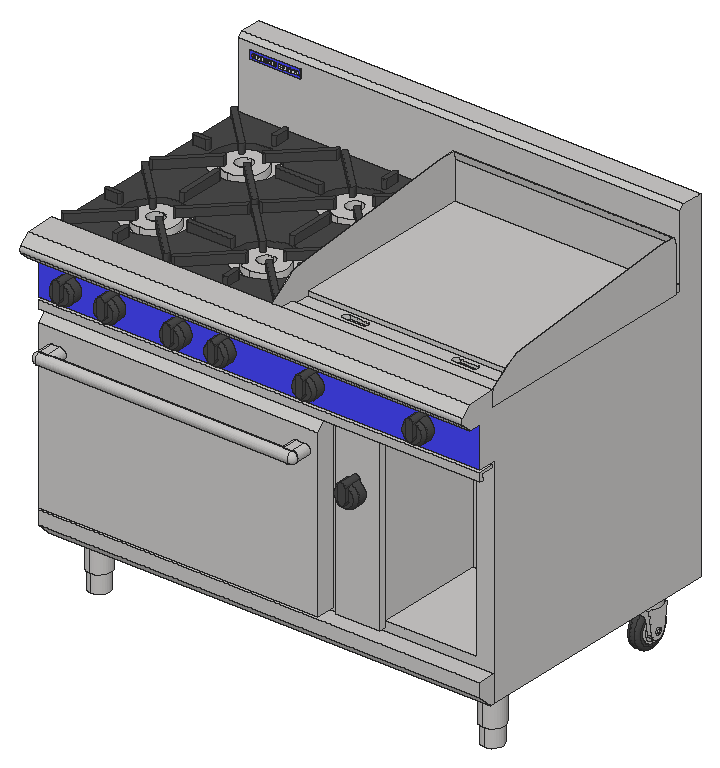
Revit family "QF_MOFFAT_BLUESEAL_CE_GE58B", category Specialty Equipment, Revit 2012
Parameters
  Width = 1200 mm
  Weight in Pounds = 485
  Watts = 6600 W
  Volts = 400 V
  URL Cutsheet = "www.moffat.com"
  URL = "www.moffat.com"
  Type Mark [instance] = ""
  Status [instance] = ""
  Specification by User [instance] = ""
  Specification by Manufacturer = ""
  Show Logo [instance] = yes
  Show Clearance [instance] = yes
  Show Casters [instance] = yes
  Serial Number = ""
  Seismic Rating = ""
  SMACNA No = ""
  Revision Code [instance] = ""
  Phase = 3
  Omniclass Number and Title = ""
  Number of Poles [instance] = 1
  NAFEM Spec ID Number = ""
  Model = "GE58B"
  Min Ckt Ampacity = 0 A
  Mechanical Remarks = ""
  Mechanical Connection Type [instance] = ""
  Max Overcurrent Protection = 0 A
  Masterspec = ""
  Manufacturer = "MOFFAT BLUESEAL"
  Legs [instance] = not(Show Casters)  # no
  Item Number [instance] = ""
  Installed By [instance] = ""
  Identify Quantity as Lot [instance] = yes
  Height = 970 mm
  HP = ""
  Gas Size = 3/4"
  Gas RI Height [instance] = 0 mm
  Gas KW [instance] = 42.2
  Gas Input [instance] = 144068.0 Btu/h
  Gas Connection Height = 0 mm
  Furnished By [instance] = ""
  Foodservice Equipment Identifier [instance] = yes
  FL Amps = 9.4 A
  Electrical Remarks = "9.4A PER PHASE"
  Electric Connection Type = ""
  Elec Conn RI Height = 0 mm
  Elec Conn Connection Height = 0 mm
  Description = "1200MM GAS RANGE WITH ELECTRIC CONVECTION OVEN"
  Depth = 812 mm
  Cycle = 50 Hz
  Conn Plug = ""
  Conn Conduit = yes
  CSI MasterFormat = ""
  CSI Master Format = ""
  Body Finish = QF_Finishes_Stainless Steel
  Apparent Power = 0 VA
Reference planes
  plane 1 "BACK": y = 0
  plane 2: z = 0
  plane 3 "LEFT": x = 0
  plane 4 "RIGHT": x = 1200
  plane 5 "FRONT": y = -812
  plane 6 "TOP": z = 970
  plane 7 "Center Y": x = 600
  plane 8 "Center X": y = -406
  plane 9: x = 280
  plane 10: y = -574.272
  plane 11: x = 60
  plane 12: y = -304.972
  plane 13: y = -364.972
  plane 14: x = 74
  plane 15: y = -812
  plane 16: x = 1134.5
  plane 17: y = -32
  plane 18: z = 655
  plane 19: x = 65.5
  plane 20: x = 65.8
  plane 21: z = 1085
  plane 22: y = -705
Forms (mm)
  Extrusion 1, solid, material "QF_Finishes_Stainless Steel" <- "Body Finish"
    sketch origin (0, 0, 0) x (0, 1, 0) y (0, 0, 1)
      loop
        line (0, 150) -> (0, 1085) -> (-57.5, 1085) -> (-70, 1072.5) -> (-70, 875) -> (-705, 875) -> (-705, 915) -> (-783.97, 915) -> (-808.49, 890.48)
        arc (-808.49, 890.48) -> (-812.002, 882) -> (-808.49, 873.52) r 11.993
        line (-808.49, 873.52) -> (-784.97, 850) -> (-749, 850) -> (-749, 740) -> (-699, 740) -> (-699, 150) -> (0, 150)
      loop
        line (-749, 222.5) -> (-749, 186) -> (-713.071, 150.071) -> (-703.2, 150.071) -> (-703.2, 222.5) -> (-749, 222.5)
      loop
        line (-749, 710) -> (-740.224, 710) -> (-742.613, 726.999) -> (-707.93, 726.999) -> (-707.93, 734.003) -> (-749, 734.003) -> (-749, 710)
    from 0 to 1200
  Extrusion 2, solid, material "QF_Finishes_Stainless Steel"
    sketch origin (0, 7, 0) x (0, 1, 0) y (0, 0, 1)
      loop
        line (-706, 700) -> (-732, 700) -> (-756, 676) -> (-756, 227.5) -> (-706, 227.5) -> (-706, 700)
    from 0 to 760
  Extrusion 3, solid, material "QF_Finishes_Stainless Steel"
    sketch origin (723.5, 7, 0) x (0, 1, 0) y (0, 0, 1)
      loop
        line (-706, 700) -> (-721, 700) -> (-721, 227.5) -> (-706, 227.5) -> (-706, 700)
    from 56.898 to 176.5
  Revolve 4, solid, material "QF_Finishes_Stainless Steel" <- "Body Finish"
    sketch origin (1134.5, -696.126, 0) x (0, 1, 0) y (0, 0, -1)
      loop
        line (39.376, -150) -> (71.126, -150) -> (71.126, 0) -> (43.626, 0) -> (43.626, -50) -> (39.376, -50) -> (39.376, -150)
      axis (71.126, -150) -> (71.126, 0)
    angle from 0 to 360
  Revolve 5, solid, material "QF_Finishes_Stainless Steel" <- "Body Finish"
    sketch origin (65.5, -696.126, 0) x (0, 1, 0) y (0, 0, 1)
      loop
        line (39.376, 150) -> (39.376, 50) -> (43.626, 50) -> (43.626, 0) -> (71.126, 0) -> (71.126, 150) -> (39.376, 150)
      axis (71.126, 150) -> (71.126, 0)
    angle from 0 to 360
  Extrusion 6, solid, material "QF_Finishes_Stainless Steel"
    sketch origin (-64.5, 0, 325) x (1, 0, 0) y (0, 1, 0)
      loop
        circle (1134.5, -32) r 10
    from 330 to 374.856
  Extrusion 7, void
    sketch origin (0, -703.73, 150) x (0, 0, -1) y (-1, 0, 0)
      loop
        line (-526, -900) -> (-526, -1150) -> (-96, -1150) -> (-96, -900) -> (-526, -900)
    from 0 to 304.8
  Extrusion 8, solid, material "QF_Finishes_Black"
    sketch origin (0, -70, 875) x (0, -1, 0) y (1, 0, 0)
      loop
        arc (1, 4) -> (1.879, 1.879) -> (4, 1) r 3
        line (4, 1) -> (632, 1)
        arc (632, 1) -> (634.121, 1.879) -> (635, 4) r 3
        line (635, 4) -> (635, 597)
        arc (635, 597) -> (634.121, 599.121) -> (632, 600) r 3
        line (632, 600) -> (4, 600)
        arc (4, 600) -> (1.879, 599.121) -> (1, 597) r 3
        line (1, 597) -> (1, 4)
      loop
        circle (167.5, 150) r 85
      loop
        circle (167.5, 450) r 85
      loop
        circle (467.768, 150) r 85
      loop
        circle (467.768, 450) r 85
    from 0 to 19.5
  Extrusion 9, solid, material "QF_Finishes_Black"
    sketch origin (0, -70, 894.5) x (0, -1, 0) y (1, 0, 0)
      loop
        spline (327.102, 15.153) -> (326.181, 13.924) -> (325.631, 12.47) -> (325.49, 10.89) -> (325.767, 9.292) -> (326.443, 7.786) -> (327.473, 6.473) -> (328.786, 5.443) -> (330.292, 4.767) -> (331.89, 4.49) -> (333.47, 4.631) -> (334.924, 5.181) -> (336.153, 6.102)
        line (336.153, 6.102) -> (444.076, 114.025)
        spline (444.076, 114.025) -> (444.837, 115.095) -> (445.238, 116.399) -> (445.251, 117.851) -> (444.875, 119.35) -> (444.137, 120.795) -> (443.086, 122.086) -> (441.795, 123.137) -> (440.35, 123.875) -> (438.851, 124.251) -> (437.399, 124.238) -> (436.095, 123.837) -> (435.025, 123.076)
        line (435.025, 123.076) -> (327.102, 15.153)
      loop
        line (611.398, 15.153) -> (503.475, 123.076)
        spline (503.475, 123.076) -> (502.405, 123.837) -> (501.101, 124.238) -> (499.649, 124.251) -> (498.15, 123.875) -> (496.705, 123.137) -> (495.414, 122.086) -> (494.363, 120.795) -> (493.625, 119.35) -> (493.249, 117.851) -> (493.262, 116.399) -> (493.663, 115.095) -> (494.424, 114.025)
        line (494.424, 114.025) -> (602.347, 6.102)
        spline (602.347, 6.102) -> (603.416, 5.341) -> (604.721, 4.941) -> (606.172, 4.928) -> (607.671, 5.303) -> (609.116, 6.041) -> (610.408, 7.092) -> (611.459, 8.384) -> (612.197, 9.829) -> (612.572, 11.328) -> (612.559, 12.779) -> (612.159, 14.084) -> (611.398, 15.153)
      loop
        spline (379.102, 143.6) -> (380.396, 143.818) -> (381.602, 144.457) -> (382.638, 145.475) -> (383.432, 146.8) -> (383.932, 148.344) -> (384.102, 150) -> (383.932, 151.656) -> (383.432, 153.2) -> (382.638, 154.525) -> (381.602, 155.543) -> (380.396, 156.182) -> (379.102, 156.4)
        line (379.102, 156.4) -> (259.398, 156.4)
        spline (259.398, 156.4) -> (258.104, 156.182) -> (256.898, 155.543) -> (255.862, 154.525) -> (255.068, 153.2) -> (254.568, 151.656) -> (254.398, 150) -> (254.568, 148.344) -> (255.068, 146.8) -> (255.862, 145.475) -> (256.898, 144.457) -> (258.104, 143.818) -> (259.398, 143.6)
        line (259.398, 143.6) -> (379.102, 143.6)
      loop
        spline (23.602, 15.153) -> (22.681, 13.924) -> (22.131, 12.47) -> (21.99, 10.89) -> (22.267, 9.292) -> (22.943, 7.786) -> (23.973, 6.473) -> (25.286, 5.443) -> (26.792, 4.767) -> (28.39, 4.49) -> (29.97, 4.631) -> (31.424, 5.181) -> (32.653, 6.102)
        line (32.653, 6.102) -> (140.576, 114.025)
        spline (140.576, 114.025) -> (141.337, 115.095) -> (141.738, 116.399) -> (141.751, 117.851) -> (141.375, 119.35) -> (140.637, 120.795) -> (139.586, 122.086) -> (138.295, 123.137) -> (136.85, 123.875) -> (135.351, 124.251) -> (133.899, 124.238) -> (132.595, 123.837) -> (131.525, 123.076)
        line (131.525, 123.076) -> (23.602, 15.153)
      loop
        line (311.398, 15.153) -> (203.475, 123.076)
        spline (203.475, 123.076) -> (202.405, 123.837) -> (201.101, 124.238) -> (199.649, 124.251) -> (198.15, 123.875) -> (196.705, 123.137) -> (195.414, 122.086) -> (194.363, 120.795) -> (193.625, 119.35) -> (193.249, 117.851) -> (193.262, 116.399) -> (193.663, 115.095) -> (194.424, 114.025)
        line (194.424, 114.025) -> (302.347, 6.102)
        spline (302.347, 6.102) -> (303.416, 5.341) -> (304.721, 4.941) -> (306.172, 4.928) -> (307.671, 5.303) -> (309.116, 6.041) -> (310.408, 7.092) -> (311.459, 8.384) -> (312.197, 9.829) -> (312.572, 11.328) -> (312.559, 12.779) -> (312.159, 14.084) -> (311.398, 15.153)
      loop
        line (327.102, 284.847) -> (435.025, 176.924)
        spline (435.025, 176.924) -> (436.095, 176.163) -> (437.399, 175.762) -> (438.851, 175.749) -> (440.35, 176.125) -> (441.795, 176.863) -> (443.086, 177.914) -> (444.137, 179.205) -> (444.875, 180.65) -> (445.251, 182.149) -> (445.238, 183.601) -> (444.837, 184.905) -> (444.076, 185.975)
        line (444.076, 185.975) -> (336.153, 293.898)
        spline (336.153, 293.898) -> (334.924, 294.819) -> (333.47, 295.369) -> (331.89, 295.51) -> (330.292, 295.233) -> (328.786, 294.557) -> (327.473, 293.527) -> (326.443, 292.214) -> (325.767, 290.708) -> (325.49, 289.11) -> (325.631, 287.53) -> (326.181, 286.076) -> (327.102, 284.847)
      loop
        spline (611.398, 284.847) -> (612.159, 285.916) -> (612.559, 287.221) -> (612.572, 288.672) -> (612.197, 290.171) -> (611.459, 291.616) -> (610.408, 292.908) -> (609.116, 293.959) -> (607.671, 294.697) -> (606.172, 295.072) -> (604.721, 295.059) -> (603.416, 294.659) -> (602.347, 293.898)
        line (602.347, 293.898) -> (494.424, 185.975)
        spline (494.424, 185.975) -> (493.663, 184.905) -> (493.262, 183.601) -> (493.249, 182.149) -> (493.625, 180.65) -> (494.363, 179.205) -> (495.414, 177.914) -> (496.705, 176.863) -> (498.15, 176.125) -> (499.649, 175.749) -> (501.101, 175.762) -> (502.405, 176.163) -> (503.475, 176.924)
        line (503.475, 176.924) -> (611.398, 284.847)
      loop
        spline (461.1, 241.898) -> (461.318, 240.604) -> (461.957, 239.398) -> (462.975, 238.362) -> (464.3, 237.568) -> (465.844, 237.068) -> (467.5, 236.898) -> (469.156, 237.068) -> (470.7, 237.568) -> (472.025, 238.362) -> (473.043, 239.398) -> (473.682, 240.604) -> (473.9, 241.898)
        line (473.9, 241.898) -> (473.9, 358.102)
        spline (473.9, 358.102) -> (473.682, 359.396) -> (473.043, 360.602) -> (472.025, 361.638) -> (470.7, 362.432) -> (469.156, 362.932) -> (467.5, 363.102) -> (465.844, 362.932) -> (464.3, 362.432) -> (462.975, 361.638) -> (461.957, 360.602) -> (461.318, 359.396) -> (461.1, 358.102)
        line (461.1, 358.102) -> (461.1, 241.898)
      loop
        line (23.602, 284.847) -> (131.525, 176.924)
        spline (131.525, 176.924) -> (132.595, 176.163) -> (133.899, 175.762) -> (135.351, 175.749) -> (136.85, 176.125) -> (138.295, 176.863) -> (139.586, 177.914) -> (140.637, 179.205) -> (141.375, 180.65) -> (141.751, 182.149) -> (141.738, 183.601) -> (141.337, 184.905) -> (140.576, 185.975)
        line (140.576, 185.975) -> (32.653, 293.898)
        spline (32.653, 293.898) -> (31.424, 294.819) -> (29.97, 295.369) -> (28.39, 295.51) -> (26.792, 295.233) -> (25.286, 294.557) -> (23.973, 293.527) -> (22.943, 292.214) -> (22.267, 290.708) -> (21.99, 289.11) -> (22.131, 287.53) -> (22.681, 286.076) -> (23.602, 284.847)
      loop
        spline (311.398, 284.847) -> (312.159, 285.916) -> (312.559, 287.221) -> (312.572, 288.672) -> (312.197, 290.171) -> (311.459, 291.616) -> (310.408, 292.908) -> (309.116, 293.959) -> (307.671, 294.697) -> (306.172, 295.072) -> (304.721, 295.059) -> (303.416, 294.659) -> (302.347, 293.898)
        line (302.347, 293.898) -> (194.424, 185.975)
        spline (194.424, 185.975) -> (193.663, 184.905) -> (193.262, 183.601) -> (193.249, 182.149) -> (193.625, 180.65) -> (194.363, 179.205) -> (195.414, 177.914) -> (196.705, 176.863) -> (198.15, 176.125) -> (199.649, 175.749) -> (201.101, 175.762) -> (202.405, 176.163) -> (203.475, 176.924)
        line (203.475, 176.924) -> (311.398, 284.847)
      loop
        spline (161.1, 241.898) -> (161.318, 240.604) -> (161.957, 239.398) -> (162.975, 238.362) -> (164.3, 237.568) -> (165.844, 237.068) -> (167.5, 236.898) -> (169.156, 237.068) -> (170.7, 237.568) -> (172.025, 238.362) -> (173.043, 239.398) -> (173.682, 240.604) -> (173.9, 241.898)
        line (173.9, 241.898) -> (173.9, 358.102)
        spline (173.9, 358.102) -> (173.682, 359.396) -> (173.043, 360.602) -> (172.025, 361.638) -> (170.7, 362.432) -> (169.156, 362.932) -> (167.5, 363.102) -> (165.844, 362.932) -> (164.3, 362.432) -> (162.975, 361.638) -> (161.957, 360.602) -> (161.318, 359.396) -> (161.1, 358.102)
        line (161.1, 358.102) -> (161.1, 241.898)
      loop
        line (379.102, 456.4) -> (259.398, 456.4)
        spline (259.398, 456.4) -> (258.104, 456.182) -> (256.898, 455.543) -> (255.862, 454.525) -> (255.068, 453.2) -> (254.568, 451.656) -> (254.398, 450) -> (254.568, 448.344) -> (255.068, 446.8) -> (255.862, 445.475) -> (256.898, 444.457) -> (258.104, 443.818) -> (259.398, 443.6)
        line (259.398, 443.6) -> (379.102, 443.6)
        spline (379.102, 443.6) -> (380.396, 443.818) -> (381.602, 444.457) -> (382.638, 445.475) -> (383.432, 446.8) -> (383.932, 448.344) -> (384.102, 450) -> (383.932, 451.656) -> (383.432, 453.2) -> (382.638, 454.525) -> (381.602, 455.543) -> (380.396, 456.182) -> (379.102, 456.4)
      loop
        spline (327.102, 315.153) -> (326.181, 313.924) -> (325.631, 312.47) -> (325.49, 310.89) -> (325.767, 309.292) -> (326.443, 307.786) -> (327.473, 306.473) -> (328.786, 305.443) -> (330.292, 304.767) -> (331.89, 304.49) -> (333.47, 304.631) -> (334.924, 305.181) -> (336.153, 306.102)
        line (336.153, 306.102) -> (444.076, 414.025)
        spline (444.076, 414.025) -> (444.837, 415.095) -> (445.238, 416.399) -> (445.251, 417.851) -> (444.875, 419.35) -> (444.137, 420.795) -> (443.086, 422.086) -> (441.795, 423.137) -> (440.35, 423.875) -> (438.851, 424.251) -> (437.399, 424.238) -> (436.095, 423.837) -> (435.025, 423.076)
        line (435.025, 423.076) -> (327.102, 315.153)
      loop
        line (611.398, 315.153) -> (503.475, 423.076)
        spline (503.475, 423.076) -> (502.405, 423.837) -> (501.101, 424.238) -> (499.649, 424.251) -> (498.15, 423.875) -> (496.705, 423.137) -> (495.414, 422.086) -> (494.363, 420.795) -> (493.625, 419.35) -> (493.249, 417.851) -> (493.262, 416.399) -> (493.663, 415.095) -> (494.424, 414.025)
        line (494.424, 414.025) -> (602.347, 306.102)
        spline (602.347, 306.102) -> (603.416, 305.341) -> (604.721, 304.941) -> (606.172, 304.928) -> (607.671, 305.303) -> (609.116, 306.041) -> (610.408, 307.092) -> (611.459, 308.384) -> (612.197, 309.829) -> (612.572, 311.328) -> (612.559, 312.779) -> (612.159, 314.084) -> (611.398, 315.153)
      loop
        spline (23.602, 315.153) -> (22.681, 313.924) -> (22.131, 312.47) -> (21.99, 310.89) -> (22.267, 309.292) -> (22.943, 307.786) -> (23.973, 306.473) -> (25.286, 305.443) -> (26.792, 304.767) -> (28.39, 304.49) -> (29.97, 304.631) -> (31.424, 305.181) -> (32.653, 306.102)
        line (32.653, 306.102) -> (140.576, 414.025)
        spline (140.576, 414.025) -> (141.337, 415.095) -> (141.738, 416.399) -> (141.751, 417.851) -> (141.375, 419.35) -> (140.637, 420.795) -> (139.586, 422.086) -> (138.295, 423.137) -> (136.85, 423.875) -> (135.351, 424.251) -> (133.899, 424.238) -> (132.595, 423.837) -> (131.525, 423.076)
        line (131.525, 423.076) -> (23.602, 315.153)
      loop
        line (311.398, 315.153) -> (203.475, 423.076)
        spline (203.475, 423.076) -> (202.405, 423.837) -> (201.101, 424.238) -> (199.649, 424.251) -> (198.15, 423.875) -> (196.705, 423.137) -> (195.414, 422.086) -> (194.363, 420.795) -> (193.625, 419.35) -> (193.249, 417.851) -> (193.262, 416.399) -> (193.663, 415.095) -> (194.424, 414.025)
        line (194.424, 414.025) -> (302.347, 306.102)
        spline (302.347, 306.102) -> (303.416, 305.341) -> (304.721, 304.941) -> (306.172, 304.928) -> (307.671, 305.303) -> (309.116, 306.041) -> (310.408, 307.092) -> (311.459, 308.384) -> (312.197, 309.829) -> (312.572, 311.328) -> (312.559, 312.779) -> (312.159, 314.084) -> (311.398, 315.153)
      loop
        line (327.102, 584.847) -> (435.025, 476.924)
        spline (435.025, 476.924) -> (436.095, 476.163) -> (437.399, 475.762) -> (438.851, 475.749) -> (440.35, 476.125) -> (441.795, 476.863) -> (443.086, 477.914) -> (444.137, 479.205) -> (444.875, 480.65) -> (445.251, 482.149) -> (445.238, 483.601) -> (444.837, 484.905) -> (444.076, 485.975)
        line (444.076, 485.975) -> (336.153, 593.898)
        spline (336.153, 593.898) -> (334.924, 594.819) -> (333.47, 595.369) -> (331.89, 595.51) -> (330.292, 595.233) -> (328.786, 594.557) -> (327.473, 593.527) -> (326.443, 592.214) -> (325.767, 590.708) -> (325.49, 589.11) -> (325.631, 587.53) -> (326.181, 586.076) -> (327.102, 584.847)
      loop
        spline (611.398, 584.847) -> (612.159, 585.916) -> (612.559, 587.221) -> (612.572, 588.672) -> (612.197, 590.171) -> (611.459, 591.616) -> (610.408, 592.908) -> (609.116, 593.959) -> (607.671, 594.697) -> (606.172, 595.072) -> (604.721, 595.059) -> (603.416, 594.659) -> (602.347, 593.898)
        line (602.347, 593.898) -> (494.424, 485.975)
        spline (494.424, 485.975) -> (493.663, 484.905) -> (493.262, 483.601) -> (493.249, 482.149) -> (493.625, 480.65) -> (494.363, 479.205) -> (495.414, 477.914) -> (496.705, 476.863) -> (498.15, 476.125) -> (499.649, 475.749) -> (501.101, 475.762) -> (502.405, 476.163) -> (503.475, 476.924)
        line (503.475, 476.924) -> (611.398, 584.847)
      loop
        line (23.602, 584.847) -> (131.525, 476.924)
        spline (131.525, 476.924) -> (132.595, 476.163) -> (133.899, 475.762) -> (135.351, 475.749) -> (136.85, 476.125) -> (138.295, 476.863) -> (139.586, 477.914) -> (140.637, 479.205) -> (141.375, 480.65) -> (141.751, 482.149) -> (141.738, 483.601) -> (141.337, 484.905) -> (140.576, 485.975)
        line (140.576, 485.975) -> (32.653, 593.898)
        spline (32.653, 593.898) -> (31.424, 594.819) -> (29.97, 595.369) -> (28.39, 595.51) -> (26.792, 595.233) -> (25.286, 594.557) -> (23.973, 593.527) -> (22.943, 592.214) -> (22.267, 590.708) -> (21.99, 589.11) -> (22.131, 587.53) -> (22.681, 586.076) -> (23.602, 584.847)
      loop
        spline (311.398, 584.847) -> (312.159, 585.916) -> (312.559, 587.221) -> (312.572, 588.672) -> (312.197, 590.171) -> (311.459, 591.616) -> (310.408, 592.908) -> (309.116, 593.959) -> (307.671, 594.697) -> (306.172, 595.072) -> (304.721, 595.059) -> (303.416, 594.659) -> (302.347, 593.898)
        line (302.347, 593.898) -> (194.424, 485.975)
        spline (194.424, 485.975) -> (193.663, 484.905) -> (193.262, 483.601) -> (193.249, 482.149) -> (193.625, 480.65) -> (194.363, 479.205) -> (195.414, 477.914) -> (196.705, 476.863) -> (198.15, 476.125) -> (199.649, 475.749) -> (201.101, 475.762) -> (202.405, 476.163) -> (203.475, 476.924)
        line (203.475, 476.924) -> (311.398, 584.847)
      loop
        spline (473.9, 592.104) -> (473.682, 593.398) -> (473.043, 594.604) -> (472.025, 595.64) -> (470.7, 596.434) -> (469.156, 596.934) -> (467.5, 597.104) -> (465.844, 596.934) -> (464.3, 596.434) -> (462.975, 595.64) -> (461.957, 594.604) -> (461.318, 593.398) -> (461.1, 592.104)
        line (461.1, 592.104) -> (461.1, 542.13)
        spline (461.1, 542.13) -> (461.318, 540.836) -> (461.957, 539.63) -> (462.975, 538.595) -> (464.3, 537.8) -> (465.844, 537.301) -> (467.5, 537.13) -> (469.156, 537.301) -> (470.7, 537.8) -> (472.025, 538.595) -> (473.043, 539.63) -> (473.682, 540.836) -> (473.9, 542.13)
        line (473.9, 542.13) -> (473.9, 592.104)
      loop
        spline (173.9, 592.104) -> (173.682, 593.398) -> (173.043, 594.604) -> (172.025, 595.64) -> (170.7, 596.434) -> (169.156, 596.934) -> (167.5, 597.104) -> (165.844, 596.934) -> (164.3, 596.434) -> (162.975, 595.64) -> (161.957, 594.604) -> (161.318, 593.398) -> (161.1, 592.104)
        line (161.1, 592.104) -> (161.1, 542.13)
        spline (161.1, 542.13) -> (161.318, 540.836) -> (161.957, 539.63) -> (162.975, 538.595) -> (164.3, 537.8) -> (165.844, 537.301) -> (167.5, 537.13) -> (169.156, 537.301) -> (170.7, 537.8) -> (172.025, 538.595) -> (173.043, 539.63) -> (173.682, 540.836) -> (173.9, 542.13)
        line (173.9, 542.13) -> (173.9, 592.104)
      loop
        spline (65.602, 143.6) -> (66.896, 143.818) -> (68.102, 144.457) -> (69.138, 145.475) -> (69.932, 146.8) -> (70.432, 148.344) -> (70.602, 150) -> (70.432, 151.656) -> (69.932, 153.2) -> (69.138, 154.525) -> (68.102, 155.543) -> (66.896, 156.182) -> (65.602, 156.4)
        line (65.602, 156.4) -> (29.398, 156.4)
        spline (29.398, 156.4) -> (28.104, 156.182) -> (26.898, 155.543) -> (25.862, 154.525) -> (25.068, 153.2) -> (24.568, 151.656) -> (24.398, 150) -> (24.568, 148.344) -> (25.068, 146.8) -> (25.862, 145.475) -> (26.898, 144.457) -> (28.104, 143.818) -> (29.398, 143.6)
        line (29.398, 143.6) -> (65.602, 143.6)
      loop
        spline (65.602, 443.6) -> (66.896, 443.818) -> (68.102, 444.457) -> (69.138, 445.475) -> (69.932, 446.8) -> (70.432, 448.344) -> (70.602, 450) -> (70.432, 451.656) -> (69.932, 453.2) -> (69.138, 454.525) -> (68.102, 455.543) -> (66.896, 456.182) -> (65.602, 456.4)
        line (65.602, 456.4) -> (29.398, 456.4)
        spline (29.398, 456.4) -> (28.104, 456.182) -> (26.898, 455.543) -> (25.862, 454.525) -> (25.068, 453.2) -> (24.568, 451.656) -> (24.398, 450) -> (24.568, 448.344) -> (25.068, 446.8) -> (25.862, 445.475) -> (26.898, 444.457) -> (28.104, 443.818) -> (29.398, 443.6)
        line (29.398, 443.6) -> (65.602, 443.6)
      loop
        spline (605.602, 143.6) -> (606.896, 143.818) -> (608.102, 144.457) -> (609.138, 145.475) -> (609.932, 146.8) -> (610.432, 148.344) -> (610.602, 150) -> (610.432, 151.656) -> (609.932, 153.2) -> (609.138, 154.525) -> (608.102, 155.543) -> (606.896, 156.182) -> (605.602, 156.4)
        line (605.602, 156.4) -> (569.398, 156.4)
        spline (569.398, 156.4) -> (568.104, 156.182) -> (566.898, 155.543) -> (565.862, 154.525) -> (565.068, 153.2) -> (564.568, 151.656) -> (564.398, 150) -> (564.568, 148.344) -> (565.068, 146.8) -> (565.862, 145.475) -> (566.898, 144.457) -> (568.104, 143.818) -> (569.398, 143.6)
        line (569.398, 143.6) -> (605.602, 143.6)
      loop
        spline (605.602, 443.6) -> (606.896, 443.818) -> (608.102, 444.457) -> (609.138, 445.475) -> (609.932, 446.8) -> (610.432, 448.344) -> (610.602, 450) -> (610.432, 451.656) -> (609.932, 453.2) -> (609.138, 454.525) -> (608.102, 455.543) -> (606.896, 456.182) -> (605.602, 456.4)
        line (605.602, 456.4) -> (569.398, 456.4)
        spline (569.398, 456.4) -> (568.104, 456.182) -> (566.898, 455.543) -> (565.862, 454.525) -> (565.068, 453.2) -> (564.568, 451.656) -> (564.398, 450) -> (564.568, 448.344) -> (565.068, 446.8) -> (565.862, 445.475) -> (566.898, 444.457) -> (568.104, 443.818) -> (569.398, 443.6)
        line (569.398, 443.6) -> (605.602, 443.6)
      loop
        line (460.626, 50.584) -> (460.626, 16.591)
        spline (460.626, 16.591) -> (460.844, 15.297) -> (461.483, 14.091) -> (462.501, 13.055) -> (463.826, 12.261) -> (465.37, 11.761) -> (467.026, 11.591) -> (468.682, 11.761) -> (470.226, 12.261) -> (471.551, 13.055) -> (472.569, 14.091) -> (473.208, 15.297) -> (473.426, 16.591)
        line (473.426, 16.591) -> (473.426, 50.584)
        spline (473.426, 50.584) -> (473.208, 51.878) -> (472.569, 53.084) -> (471.551, 54.119) -> (470.226, 54.914) -> (468.682, 55.413) -> (467.026, 55.584) -> (465.37, 55.413) -> (463.826, 54.914) -> (462.501, 54.119) -> (461.483, 53.084) -> (460.844, 51.878) -> (460.626, 50.584)
      loop
        line (160.11, 50.584) -> (160.11, 16.591)
        spline (160.11, 16.591) -> (160.328, 15.297) -> (160.967, 14.091) -> (161.984, 13.055) -> (163.31, 12.261) -> (164.853, 11.761) -> (166.51, 11.591) -> (168.166, 11.761) -> (169.71, 12.261) -> (171.035, 13.055) -> (172.052, 14.091) -> (172.692, 15.297) -> (172.91, 16.591)
        line (172.91, 16.591) -> (172.91, 50.584)
        spline (172.91, 50.584) -> (172.692, 51.878) -> (172.052, 53.084) -> (171.035, 54.119) -> (169.71, 54.914) -> (168.166, 55.413) -> (166.51, 55.584) -> (164.853, 55.413) -> (163.31, 54.914) -> (161.984, 54.119) -> (160.967, 53.084) -> (160.328, 51.878) -> (160.11, 50.584)
    from 0 to 23.5
  Revolve 10, solid, material "QF_Finishes_Black"
    sketch origin (750.113, 45.874, -0.118) x (0, 1, 0) y (0, 0, 1)
      loop
        line (-827.874, 829.5) -> (-838.874, 823.651) -> (-838.874, 797) -> (-794.874, 797) -> (-794.874, 802) -> (-804.874, 802) -> (-804.874, 829.5) -> (-827.874, 829.5)
      axis (-838.874, 797) -> (-794.874, 797)
    angle from 0 to 360
  Revolve 11, solid, material "QF_Finishes_Black"
    sketch origin (90.649, 45.874, -0.118) x (0, 1, 0) y (0, 0, -1)
      loop
        line (-827.874, -829.5) -> (-804.874, -829.5) -> (-804.874, -802) -> (-794.874, -802) -> (-794.874, -797) -> (-838.874, -797) -> (-838.874, -823.651) -> (-827.874, -829.5)
      axis (-838.874, -797) -> (-794.874, -797)
    angle from 0 to 360
  Revolve 12, solid, material "QF_Finishes_Black"
    sketch origin (210.649, 45.874, -0.118) x (0, 1, 0) y (0, 0, -1)
      loop
        line (-827.874, -829.5) -> (-804.874, -829.5) -> (-804.874, -802) -> (-794.874, -802) -> (-794.874, -797) -> (-838.874, -797) -> (-838.874, -823.651) -> (-827.874, -829.5)
      axis (-838.874, -797) -> (-794.874, -797)
    angle from 0 to 360
  Revolve 13, solid, material "QF_Finishes_Black"
    sketch origin (390.625, 45.874, -0.118) x (0, 1, 0) y (0, 0, -1)
      loop
        line (-827.874, -829.5) -> (-804.874, -829.5) -> (-804.874, -802) -> (-794.874, -802) -> (-794.874, -797) -> (-838.874, -797) -> (-838.874, -823.651) -> (-827.874, -829.5)
      axis (-838.874, -797) -> (-794.874, -797)
    angle from 0 to 360
  Revolve 14, solid, material "QF_Finishes_Black"
    sketch origin (510.625, 45.874, -0.118) x (0, 1, 0) y (0, 0, -1)
      loop
        line (-827.874, -829.5) -> (-804.874, -829.5) -> (-804.874, -802) -> (-794.874, -802) -> (-794.874, -797) -> (-838.874, -797) -> (-838.874, -823.651) -> (-827.874, -829.5)
      axis (-838.874, -797) -> (-794.874, -797)
    angle from 0 to 360
  Revolve 15, solid, material "QF_Finishes_Black"
    sketch origin (1049.887, 45.874, -0.118) x (0, 1, 0) y (0, 0, 1)
      loop
        line (-827.874, 829.5) -> (-838.874, 823.651) -> (-838.874, 797) -> (-794.874, 797) -> (-794.874, 802) -> (-804.874, 802) -> (-804.874, 829.5) -> (-827.874, 829.5)
      axis (-838.874, 797) -> (-794.874, 797)
    angle from 0 to 360
  Extrusion 16, solid, material "QF_Finishes_Black"
    sketch origin (238.456, 7, -0.118) x (-1, 0, 0) y (0, 0, -1)
      loop
        arc (158.3, -789) -> (148.3, -779) -> (138.3, -789) r 10
        line (138.3, -789) -> (138.3, -824)
        arc (138.3, -824) -> (148.3, -834) -> (158.3, -824) r 10
        line (158.3, -824) -> (158.3, -789)
    from 759 to 808
  Extrusion 17, solid, material "QF_Finishes_Black"
    sketch origin (358.456, 7, -0.118) x (-1, 0, 0) y (0, 0, -1)
      loop
        arc (158.3, -789) -> (148.3, -779) -> (138.3, -789) r 10
        line (138.3, -789) -> (138.3, -824)
        arc (138.3, -824) -> (148.3, -834) -> (158.3, -824) r 10
        line (158.3, -824) -> (158.3, -789)
    from 759 to 808
  Extrusion 18, solid, material "QF_Finishes_Black"
    sketch origin (538.432, 7, -0.118) x (-1, 0, 0) y (0, 0, -1)
      loop
        arc (158.3, -789) -> (148.3, -779) -> (138.3, -789) r 10
        line (138.3, -789) -> (138.3, -824)
        arc (138.3, -824) -> (148.3, -834) -> (158.3, -824) r 10
        line (158.3, -824) -> (158.3, -789)
    from 759 to 808
  Extrusion 19, solid, material "QF_Finishes_Black"
    sketch origin (658.432, 7, -0.118) x (-1, 0, 0) y (0, 0, -1)
      loop
        arc (158.3, -789) -> (148.3, -779) -> (138.3, -789) r 10
        line (138.3, -789) -> (138.3, -824)
        arc (138.3, -824) -> (148.3, -834) -> (158.3, -824) r 10
        line (158.3, -824) -> (158.3, -789)
    from 759 to 808
  Extrusion 20, solid, material "QF_Finishes_Black"
    sketch origin (897.92, 7, -0.118) x (-1, 0, 0) y (0, 0, -1)
      loop
        arc (158.3, -789) -> (148.3, -779) -> (138.3, -789) r 10
        line (138.3, -789) -> (138.3, -824)
        arc (138.3, -824) -> (148.3, -834) -> (158.3, -824) r 10
        line (158.3, -824) -> (158.3, -789)
    from 759 to 808
  Extrusion 21, solid, material "QF_Finishes_Black"
    sketch origin (1197.694, 7, -0.118) x (-1, 0, 0) y (0, 0, -1)
      loop
        arc (158.3, -789) -> (148.3, -779) -> (138.3, -789) r 10
        line (138.3, -789) -> (138.3, -824)
        arc (138.3, -824) -> (148.3, -834) -> (158.3, -824) r 10
        line (158.3, -824) -> (158.3, -789)
    from 759 to 808
  Revolve 22, solid, material "QF_Finishes_Black"
    sketch origin (836.851, 80.874, -246.368) x (0, 1, 0) y (0, 0, 1)
      loop
        line (-827.874, 829.5) -> (-838.874, 823.651) -> (-838.874, 797) -> (-794.874, 797) -> (-794.874, 802) -> (-804.874, 802) -> (-804.874, 829.5) -> (-827.874, 829.5)
      axis (-838.874, 797) -> (-794.874, 797)
    angle from 0 to 360
  Extrusion 23, solid, material "QF_Finishes_Black"
    sketch origin (389.044, 42, -246.368) x (1, 0, 0) y (0, 0, 1)
      loop
        line (458.3, 789) -> (458.3, 824)
        arc (458.3, 824) -> (448.3, 834) -> (438.3, 824) r 10
        line (438.3, 824) -> (438.3, 789)
        arc (438.3, 789) -> (448.3, 779) -> (458.3, 789) r 10
    from 759 to 808
  Extrusion 24, solid, material "QF_Door-Drawer Clearances", visible <- "Show Clearance", detail levels coarse
    sketch origin (760, 7, 0) x (0, 1, 0) y (0, 0, 1)
      loop
        arc (-756, 697.347) -> (-1088.232, 559.732) -> (-1225.847, 227.5) r 469.847
        line (-1225.847, 227.5) -> (-756, 227.5) -> (-756, 697.347)
    from 0 to -760
  Extrusion 25, void
    sketch origin (0, 0, 150) x (-1, 0, 0) y (0, -1, 0)
      loop
        line (-1133.988, 87.26) -> (-1133.988, -30.24) -> (-1004.488, -30.24) -> (-1004.488, 38.76) -> (-1052.988, 87.26) -> (-1133.988, 87.26)
    from 72.5 to 549.856
  Extrusion 26, solid, material "QF_Finishes_Stainless Steel"
    sketch origin (0, -749, 227.5) x (0, 0, 1) y (-1, 0, 0)
      loop
        line (380.625, -38.246) -> (380.625, -58.528)
        arc (380.625, -58.528) -> (395.625, -73.528) -> (410.625, -58.528) r 15
        line (410.625, -58.528) -> (410.625, -38.246)
        arc (410.625, -38.246) -> (395.625, -23.246) -> (380.625, -38.246) r 15
      loop
        arc (380.625, -723.039) -> (395.625, -738.039) -> (410.625, -723.039) r 15
        line (410.625, -723.039) -> (410.625, -702.757)
        arc (410.625, -702.757) -> (395.625, -687.757) -> (380.625, -702.757) r 15
        line (380.625, -702.757) -> (380.625, -723.039)
    from 0 to 44
  Revolve 27, solid, material "QF_Finishes_Stainless Steel"
    sketch origin (0, -793, 0) x (1, 0, 0) y (0, 0, 1)
      loop
        arc (738.039, 623.125) -> (733.646, 633.732) -> (723.039, 638.125) r 15
        line (723.039, 638.125) -> (38.246, 638.125)
        arc (38.246, 638.125) -> (27.64, 633.732) -> (23.246, 623.125) r 15
        line (23.246, 623.125) -> (738.039, 623.125)
      axis (738.039, 623.125) -> (23.246, 623.125)
    angle from 0 to 360
  Extrusion 28, solid, material "QF_Finishes_Stainless Steel"
    sketch origin (0, -70, 875) x (0, -1, 0) y (1, 0, 0)
      loop
        circle (167.5, 450) r 57
      loop
        circle (467.5, 450) r 57
      loop
        circle (467.5, 150) r 57
      loop
        circle (167.5, 150) r 57
      loop
        circle (467.5, 150) r 22
      loop
        circle (467.5, 450) r 22
      loop
        circle (167.5, 450) r 22
      loop
        circle (167.5, 150) r 22
    from 0 to 19.5
  Extrusion 29, solid, material "QF_Finishes_Stainless Steel"
    sketch origin (0, 0, 0) x (1, 0, 0) y (0, 1, 0)
      loop
        circle (826, -501) r 6.35
    from 148.072 to 150
  Extrusion 30, solid, material "QF_Finishes_Stainless Steel", visible <- "Show Casters"
    sketch origin (71.501, 133.353, -8.783) x (0, 1, 0) y (0, 0, 1)
      loop
        line (-201.603, 118.783) -> (-265.103, 118.783) -> (-252.746, 53.895)
        arc (-252.746, 53.895) -> (-233.353, 38.783) -> (-213.959, 53.895) r 20
        line (-213.959, 53.895) -> (-201.603, 118.783)
    from -35.667 to 22.923
  Revolve 31, solid, material "QF_Finishes_Stainless Steel", visible <- "Show Casters"
    sketch origin (65, -203, 0) x (0, 1, 0) y (0, 0, 1)
      loop
        line (67.25, 150) -> (67.25, 110) -> (103, 110) -> (103, 150) -> (67.25, 150)
      axis (103, 150) -> (103, 110)
    angle from 0 to 360
  Revolve 32, solid, material "QF_Finishes_Stainless Steel", visible <- "Show Casters"
    sketch origin (1134.5, -203, 0) x (0, 1, 0) y (0, 0, -1)
      loop
        line (67.25, -150) -> (103, -150) -> (103, -110) -> (67.25, -110) -> (67.25, -150)
      axis (103, -150) -> (103, -110)
    angle from 0 to 360
  Revolve 33, solid, material "QF_Finishes_Stainless Steel", visible <- "Show Casters"
    sketch origin (1085.276, -99.755, -13.653) x (1, 0, 0) y (0, 0, 1)
      loop
        line (14.841, 64.453) -> (83.584, 64.453) -> (83.584, 67.958) -> (82.314, 69.228) -> (80.79, 69.228) -> (80.79, 72.674) -> (68.644, 72.674) -> (68.644, 82.639) -> (65.088, 84.692) -> (63.738, 93.028) -> (65.881, 93.028) -> (65.881, 99.378) -> (65.088, 99.378) -> (65.088, 105.728)
        arc (65.088, 105.728) -> (62.298, 112.463) -> (55.563, 115.253) r 9.525
        line (55.563, 115.253) -> (42.863, 115.253)
        arc (42.863, 115.253) -> (36.127, 112.463) -> (33.338, 105.728) r 9.525
        line (33.338, 105.728) -> (33.338, 99.378) -> (32.544, 99.378) -> (32.544, 93.028) -> (34.687, 93.028) -> (33.352, 84.781) -> (29.782, 82.719) -> (29.782, 72.674) -> (17.635, 72.674) -> (17.635, 69.228) -> (16.111, 69.228) -> (14.841, 67.958) -> (14.841, 64.453)
      axis (14.841, 64.453) -> (83.584, 64.453)
    angle from 0 to 360
  Extrusion 34, solid, material "QF_Finishes_Stainless Steel", visible <- "Show Casters"
    sketch origin (1141.001, 133.353, -8.783) x (0, 1, 0) y (0, 0, 1)
      loop
        line (-201.603, 118.783) -> (-265.103, 118.783) -> (-252.746, 53.895)
        arc (-252.746, 53.895) -> (-233.353, 38.783) -> (-213.959, 53.895) r 20
        line (-213.959, 53.895) -> (-201.603, 118.783)
    from -35.667 to 22.923
  Revolve 35, solid, material "QF_Finishes_Stainless Steel", visible <- "Legs"
    sketch origin (65, -165, 0) x (0, 1, 0) y (0, 0, 1)
      loop
        line (33.25, 150) -> (33.25, 50) -> (37.5, 50) -> (37.5, 0) -> (65, 0) -> (65, 150) -> (33.25, 150)
      axis (65, 150) -> (65, 0)
    angle from 0 to 360
  Revolve 36, solid, material "QF_Finishes_Stainless Steel", visible <- "Legs"
    sketch origin (1134.5, -165, 0) x (0, 1, 0) y (0, 0, -1)
      loop
        line (33.25, -150) -> (65, -150) -> (65, 0) -> (37.5, 0) -> (37.5, -50) -> (33.25, -50) -> (33.25, -150)
      axis (65, -150) -> (65, 0)
    angle from 0 to 360
  Revolve 37, solid, material "QF_Finishes_Stainless Steel", visible <- "Show Casters"
    sketch origin (114.224, -99.755, -13.653) x (-1, 0, 0) y (0, 0, -1)
      loop
        line (14.841, -64.453) -> (14.841, -67.958) -> (16.111, -69.228) -> (17.635, -69.228) -> (17.635, -72.674) -> (29.782, -72.674) -> (29.782, -82.719) -> (33.352, -84.781) -> (34.687, -93.028) -> (32.544, -93.028) -> (32.544, -99.378) -> (33.338, -99.378) -> (33.338, -105.728)
        arc (33.338, -105.728) -> (36.127, -112.463) -> (42.863, -115.253) r 9.525
        line (42.863, -115.253) -> (55.563, -115.253)
        arc (55.563, -115.253) -> (62.298, -112.463) -> (65.088, -105.728) r 9.525
        line (65.088, -105.728) -> (65.088, -99.378) -> (65.881, -99.378) -> (65.881, -93.028) -> (63.738, -93.028) -> (65.088, -84.692) -> (68.644, -82.639) -> (68.644, -72.674) -> (80.79, -72.674) -> (80.79, -69.228) -> (82.314, -69.228) -> (83.584, -67.958) -> (83.584, -64.453) -> (14.841, -64.453)
      axis (14.841, -64.453) -> (83.584, -64.453)
    angle from 0 to 360
Cuts and joins
  Extrusion 7, Extrusion 25 cuts Extrusion 1
Lines and regions (mm)
  Split face 1
    outline origin (1200, 0, 1085) x (-1, 0, 0) y (0, -1, 0)
      loop
        arc (935.206, 45.185) -> (926.545, 40.185) -> (926.545, 30.185) r 10
        line (926.545, 30.185) -> (930.587, 23.185)
        arc (930.587, 23.185) -> (934.247, 19.525) -> (939.247, 18.185) r 10
        line (939.247, 18.185) -> (1167.206, 18.185)
        arc (1167.206, 18.185) -> (1175.866, 23.185) -> (1175.866, 33.185) r 10
        line (1175.866, 33.185) -> (1171.824, 40.185)
        arc (1171.824, 40.185) -> (1168.164, 43.845) -> (1163.164, 45.185) r 10
        line (1163.164, 45.185) -> (935.206, 45.185)
  Split face 2
    outline origin (1200, 0, 1085) x (-1, 0, 0) y (0, -1, 0)
      loop
        arc (635.206, 45.185) -> (626.545, 40.185) -> (626.545, 30.185) r 10
        line (626.545, 30.185) -> (630.587, 23.185)
        arc (630.587, 23.185) -> (634.247, 19.525) -> (639.247, 18.185) r 10
        line (639.247, 18.185) -> (867.206, 18.185)
        arc (867.206, 18.185) -> (875.866, 23.185) -> (875.866, 33.185) r 10
        line (875.866, 33.185) -> (871.824, 40.185)
        arc (871.824, 40.185) -> (868.164, 43.845) -> (863.164, 45.185) r 10
        line (863.164, 45.185) -> (635.206, 45.185)
  Split face 3
    outline origin (1200, 0, 1085) x (-1, 0, 0) y (0, -1, 0)
      loop
        arc (335.206, 45.185) -> (326.545, 40.185) -> (326.545, 30.185) r 10
        line (326.545, 30.185) -> (330.587, 23.185)
        arc (330.587, 23.185) -> (334.247, 19.525) -> (339.247, 18.185) r 10
        line (339.247, 18.185) -> (567.206, 18.185)
        arc (567.206, 18.185) -> (575.866, 23.185) -> (575.866, 33.185) r 10
        line (575.866, 33.185) -> (571.824, 40.185)
        arc (571.824, 40.185) -> (568.164, 43.845) -> (563.164, 45.185) r 10
        line (563.164, 45.185) -> (335.206, 45.185)
  Split face 4
    outline origin (1200, 0, 1085) x (-1, 0, 0) y (0, -1, 0)
      loop
        arc (35.206, 45.185) -> (26.545, 40.185) -> (26.545, 30.185) r 10
        line (26.545, 30.185) -> (30.587, 23.185)
        arc (30.587, 23.185) -> (34.247, 19.525) -> (39.247, 18.185) r 10
        line (39.247, 18.185) -> (267.206, 18.185)
        arc (267.206, 18.185) -> (275.866, 23.185) -> (275.866, 33.185) r 10
        line (275.866, 33.185) -> (271.824, 40.185)
        arc (271.824, 40.185) -> (268.164, 43.845) -> (263.164, 45.185) r 10
        line (263.164, 45.185) -> (35.206, 45.185)
  symbolic lines
    curve 1: line (0, 0, 0) -> (0, -812, 0)
    curve 2: line (1200, 0, 0) -> (0, 0, 0)
    curve 3: line (1200, -812, 0) -> (1200, 0, 0)
    curve 4: line (0, -70, 0) -> (1200, -70, 0)
    curve 5: line (1200, -812, 0) -> (0, -812, 0)
    curve 6: line (1200, -708.3, 0) -> (0, -708.3, 0)
    curve 7: line (0, -705, 0) -> (1200, -705, 0)
    curve 8: line (1200, -72.734, 0) -> (0, -72.734, 0)
    curve 9: arc (22.65, -812, 0) -> (34.104, -822.278, 0) -> (48.889, -826.544, 0) r 34.455
    curve 10: line (48.889, -826.544, 0) -> (718.108, -826.544, 0)
    curve 11: arc (718.108, -826.544, 0) -> (732.653, -822.647, 0) -> (743.3, -812, 0) r 29.089
    curve 12: line (6.08, -94.387, 0) -> (121.515, -209.822, 0)
    curve 13: line (293.92, -94.387, 0) -> (178.485, -209.822, 0)
    curve 14: line (6.83, -379.864, 0) -> (121.515, -265.178, 0)
    curve 15: line (292.516, -379.21, 0) -> (178.485, -265.178, 0)
    curve 16: line (362.78, -237.81, 0) -> (237.78, -237.81, 0)
    curve 17: line (362.78, -537.81, 0) -> (237.78, -537.81, 0)
    curve 18: line (6.08, -398.155, 0) -> (121.515, -510.089, 0)
    curve 19: line (293.92, -398.155, 0) -> (178.485, -510.089, 0)
    curve 20: line (9.883, -677.078, 0) -> (121.515, -565.446, 0)
    curve 21: line (291.622, -678.583, 0) -> (178.485, -565.446, 0)
    curve 22: arc (150, -294.5, 0) -> (207, -237.5, 0) -> (150, -180.5, 0) r 57
    curve 23: arc (150, -180.5, 0) -> (93, -237.5, 0) -> (150, -294.5, 0) r 57
    curve 24: arc (150, -594.5, 0) -> (207, -537.5, 0) -> (150, -480.5, 0) r 57
    curve 25: arc (150, -480.5, 0) -> (93, -537.5, 0) -> (150, -594.5, 0) r 57
    curve 26: line (306.08, -94.387, 0) -> (421.515, -209.822, 0)
    curve 27: line (593.92, -94.387, 0) -> (478.485, -209.822, 0)
    curve 28: line (307.269, -379.424, 0) -> (421.515, -265.178, 0)
    curve 29: line (592.673, -379.366, 0) -> (478.485, -265.178, 0)
    curve 30: line (597.78, -237.81, 0) -> (537.78, -237.81, 0)
    curve 31: arc (450, -294.5, 0) -> (507, -237.5, 0) -> (450, -180.5, 0) r 57
    curve 32: arc (450, -180.5, 0) -> (393, -237.5, 0) -> (450, -294.5, 0) r 57
    curve 33: line (306.08, -398.155, 0) -> (421.515, -510.089, 0)
    curve 34: line (593.92, -398.155, 0) -> (478.485, -510.089, 0)
    curve 35: line (308.378, -678.583, 0) -> (421.515, -565.446, 0)
    curve 36: line (593.555, -680.516, 0) -> (478.485, -565.446, 0)
    curve 37: line (149.618, -450.258, 0) -> (149.618, -325.258, 0)
    curve 38: line (449.618, -450.258, 0) -> (449.618, -325.258, 0)
    curve 39: line (597.78, -537.81, 0) -> (537.78, -537.81, 0)
    curve 40: line (149.197, -139.807, 0) -> (149.197, -94.807, 0)
    curve 41: line (149.197, -674.807, 0) -> (149.197, -634.807, 0)
    curve 42: line (449.197, -139.807, 0) -> (449.197, -94.807, 0)
    curve 43: line (449.197, -674.807, 0) -> (449.197, -634.807, 0)
    curve 44: line (49.678, -236.51, 0) -> (14.678, -236.51, 0)
    curve 45: line (49.678, -536.51, 0) -> (14.678, -536.51, 0)
    curve 46: arc (450, -594.5, 0) -> (507, -537.5, 0) -> (450, -480.5, 0) r 57
    curve 47: arc (450, -480.5, 0) -> (393, -537.5, 0) -> (450, -594.5, 0) r 57
    curve 51: arc (150, -322.5, 0) -> (65, -237.5, 0) -> (150, -152.5, 0) r 85
    curve 52: arc (150, -152.5, 0) -> (235, -237.5, 0) -> (150, -322.5, 0) r 85
    curve 53: arc (450, -322.5, 0) -> (365, -237.5, 0) -> (450, -152.5, 0) r 85
    curve 54: arc (450, -152.5, 0) -> (535, -237.5, 0) -> (450, -322.5, 0) r 85
    curve 55: arc (150, -452.768, 0) -> (235, -537.768, 0) -> (150, -622.768, 0) r 85
    curve 56: arc (150, -622.768, 0) -> (65, -537.768, 0) -> (150, -452.768, 0) r 85
    curve 57: arc (450, -622.768, 0) -> (365, -537.768, 0) -> (450, -452.768, 0) r 85
    curve 58: arc (450, -452.768, 0) -> (535, -537.768, 0) -> (450, -622.768, 0) r 85
    curve 59: line (300.232, -72.734, 0) -> (300.232, -705, 0)
    curve 60: line (0, -390.308, 0) -> (600, -390.308, 0)
    curve 61: line (600, -72.734, 0) -> (600, -705, 0)
    curve 62: arc (150, -215.5, 0) -> (172, -237.5, 0) -> (150, -259.5, 0) r 22
    curve 63: arc (150, -259.5, 0) -> (128, -237.5, 0) -> (150, -215.5, 0) r 22
    curve 64: arc (450, -215.5, 0) -> (472, -237.5, 0) -> (450, -259.5, 0) r 22
    curve 65: arc (450, -259.5, 0) -> (428, -237.5, 0) -> (450, -215.5, 0) r 22
    curve 66: arc (150, -515.5, 0) -> (172, -537.5, 0) -> (150, -559.5, 0) r 22
    curve 67: arc (150, -559.5, 0) -> (128, -537.5, 0) -> (150, -515.5, 0) r 22
    curve 68: arc (450, -515.5, 0) -> (472, -537.5, 0) -> (450, -559.5, 0) r 22
    curve 69: arc (450, -559.5, 0) -> (428, -537.5, 0) -> (450, -515.5, 0) r 22
    curve 70: line (1160.753, -18.185, 0) -> (932.794, -18.185, 0)
    curve 71: arc (932.794, -18.185, 0) -> (924.134, -23.185, 0) -> (924.134, -33.185, 0) r 10
    curve 72: line (924.134, -33.185, 0) -> (928.176, -40.185, 0)
    curve 73: arc (928.176, -40.185, 0) -> (931.836, -43.845, 0) -> (936.836, -45.185, 0) r 10
    curve 74: line (936.836, -45.185, 0) -> (1164.794, -45.185, 0)
    curve 75: arc (1164.794, -45.185, 0) -> (1173.455, -40.185, 0) -> (1173.455, -30.185, 0) r 10
    curve 76: line (1173.455, -30.185, 0) -> (1169.413, -23.185, 0)
    curve 77: arc (1169.413, -23.185, 0) -> (1165.753, -19.525, 0) -> (1160.753, -18.185, 0) r 10
    curve 78: line (632.794, -18.185, 0) -> (860.753, -18.185, 0)
    curve 79: arc (860.753, -18.185, 0) -> (865.753, -19.525, 0) -> (869.413, -23.185, 0) r 10
    curve 80: line (869.413, -23.185, 0) -> (873.455, -30.185, 0)
    curve 81: arc (873.455, -30.185, 0) -> (873.455, -40.185, 0) -> (864.794, -45.185, 0) r 10
    curve 82: line (864.794, -45.185, 0) -> (636.836, -45.185, 0)
    curve 83: arc (636.836, -45.185, 0) -> (631.836, -43.845, 0) -> (628.176, -40.185, 0) r 10
    curve 84: line (628.176, -40.185, 0) -> (624.134, -33.185, 0)
    curve 85: arc (624.134, -33.185, 0) -> (624.134, -23.185, 0) -> (632.794, -18.185, 0) r 10
    curve 86: line (332.794, -18.185, 0) -> (560.753, -18.185, 0)
    curve 87: arc (560.753, -18.185, 0) -> (565.753, -19.525, 0) -> (569.413, -23.185, 0) r 10
    curve 88: line (569.413, -23.185, 0) -> (573.455, -30.185, 0)
    curve 89: arc (573.455, -30.185, 0) -> (573.455, -40.185, 0) -> (564.794, -45.185, 0) r 10
    curve 90: line (564.794, -45.185, 0) -> (336.836, -45.185, 0)
    curve 91: arc (336.836, -45.185, 0) -> (331.836, -43.845, 0) -> (328.176, -40.185, 0) r 10
    curve 92: line (328.176, -40.185, 0) -> (324.134, -33.185, 0)
    curve 93: arc (324.134, -33.185, 0) -> (324.134, -23.185, 0) -> (332.794, -18.185, 0) r 10
    curve 94: line (260.753, -18.185, 0) -> (32.794, -18.185, 0)
    curve 95: arc (32.794, -18.185, 0) -> (24.134, -23.185, 0) -> (24.134, -33.185, 0) r 10
    curve 96: line (24.134, -33.185, 0) -> (28.176, -40.185, 0)
    curve 97: arc (28.176, -40.185, 0) -> (31.836, -43.845, 0) -> (36.836, -45.185, 0) r 10
    curve 98: line (36.836, -45.185, 0) -> (264.794, -45.185, 0)
    curve 99: arc (264.794, -45.185, 0) -> (273.455, -40.185, 0) -> (273.455, -30.185, 0) r 10
    curve 100: line (273.455, -30.185, 0) -> (269.413, -23.185, 0)
    curve 101: arc (269.413, -23.185, 0) -> (265.753, -19.525, 0) -> (260.753, -18.185, 0) r 10
    curve 102: line (0, -783.97, 0) -> (1200, -783.97, 0)
    curve 103: line (0, -57.5, 0) -> (1200, -57.5, 0)
  symbolic lines, style "QF_Door-Drawer Clearances", visible <- "Show Clearance"
    curve 48: line (0, -1218.847, 0) -> (760, -1218.847, 0)
    curve 49: line (760, -1218.847, 0) -> (760, -812, 0)
    curve 50: line (0, -1218.847, 0) -> (0, -812, 0)
Dimensions and locks
  equal spacing: plane 3 "LEFT", plane 7 "Center Y", plane 4 "RIGHT"
  "Width": plane 3 "LEFT" to plane 4 "RIGHT"
  equal spacing: plane 5 "FRONT", plane 8 "Center X", plane 1 "BACK"
  plane 5 "FRONT" to plane 1 "BACK" = 812 mm  (x2)
  equal spacing: plane 4 "RIGHT", plane 7 "Center Y", plane 3 "LEFT"
  plane 4 "RIGHT" to plane 3 "LEFT" = 1200 mm
  "Height": plane 6 "TOP" to level
  plane 10 to plane 1 "BACK" = 574.272 mm
  plane 12 to plane 1 "BACK" = 304.972 mm  (x2)
  plane 11 to plane 3 "LEFT" = 60 mm
  plane 14 to plane 3 "LEFT" = 74 mm
  plane 9 to plane 3 "LEFT" = 280 mm
  "Depth": plane 1 "BACK" to plane 15
  plane 5 "FRONT" to plane 15 = 0 mm
  plane 6 "TOP" to plane 2 = 970 mm
  plane 2 to Extrusion 1 sketch curve = 875 mm
  locked: plane 2 to Extrusion 1 sketch curve at 915
  locked: plane 4 "RIGHT" to plane 16 at 65.5
  Extrusion 8 sketch curve to plane 20 = 64.8 mm
  Extrusion 29 sketch curve to plane 4 "RIGHT" = 374 mm
  Extrusion 29 sketch curve to plane 1 "BACK" = 501 mm
  plane 21 to level = 1085 mm
  Revolve 33 sketch curve to Revolve 33 sketch curve = 50.8 mm
  Revolve 37 sketch curve to Revolve 37 sketch curve = 50.8 mm
  aligned and locked: level to plane 2
  aligned and locked: curve 3 to plane 4 "RIGHT"
  aligned and locked: Extrusion 1 to plane 4 "RIGHT"
  aligned and locked: plane 16 to Revolve 4
  aligned and locked: Extrusion 24 to Extrusion 2
Automatic sketch dimensions
  Extrusion 2 sketch curve to Extrusion 2 sketch curve = 24 mm
  Extrusion 2 sketch curve to Extrusion 2 sketch curve = 50 mm
  level to Extrusion 2 sketch curve = 227.5 mm
  Extrusion 3 sketch curve to Extrusion 3 sketch curve = 15 mm
  level to Extrusion 3 sketch curve = 227.5 mm
  Revolve 4 sketch curve to level = 0 mm
  Revolve 4 sketch curve to plane 10 = 82.478 mm
  Revolve 4 sketch curve to Revolve 4 sketch curve = 4.25 mm
  Revolve 4 sketch curve to Revolve 4 sketch curve = 27.5 mm  (x2)
  level to Revolve 4 sketch curve = 50 mm
  Revolve 4 sketch curve to Revolve 4 sketch curve = 0 mm
  Revolve 4 sketch curve to Revolve 4 sketch curve = 100 mm
  Revolve 4 sketch curve to Revolve 4 sketch curve = 55 mm
  Revolve 5 sketch curve to level = 0 mm
  Revolve 5 sketch curve to plane 10 = 82.478 mm
  Revolve 5 sketch curve to Revolve 5 sketch curve = 4.25 mm
  Revolve 5 sketch curve to Revolve 5 sketch curve = 27.5 mm  (x2)
  Revolve 5 sketch curve to level = 55 mm
  Revolve 5 sketch curve to Revolve 5 sketch curve = 50 mm
  Revolve 5 sketch curve to Revolve 5 sketch curve = 0 mm
  Revolve 5 sketch curve to Revolve 5 sketch curve = 100 mm
  plane 17 to Extrusion 6 sketch curve = 0 mm
  Extrusion 6 sketch curve to plane 16 = 64.5 mm
  Revolve 10 sketch curve to plane 5 "FRONT" = 19 mm
  Revolve 10 sketch curve to Revolve 10 sketch curve = 0 mm  (x2)
  Revolve 10 sketch curve to Revolve 10 sketch curve = 11 mm
  Revolve 10 sketch curve to Revolve 10 sketch curve = 12.7 mm
  Revolve 10 sketch curve to Revolve 10 sketch curve = 23 mm
  Revolve 10 sketch curve to Revolve 10 sketch curve = 10 mm
  plane 18 to Revolve 10 sketch curve = 141.882 mm
  Revolve 10 sketch curve to Revolve 10 sketch curve = 5 mm
  Revolve 10 sketch curve to Revolve 10 sketch curve = 26.651 mm
  Revolve 10 sketch curve to Revolve 10 sketch curve = 5.849 mm
  Revolve 11 sketch curve to plane 5 "FRONT" = 19 mm
  Revolve 11 sketch curve to Revolve 11 sketch curve = 0 mm  (x2)
  Revolve 11 sketch curve to Revolve 11 sketch curve = 11 mm
  Revolve 11 sketch curve to Revolve 11 sketch curve = 12.7 mm
  Revolve 11 sketch curve to Revolve 11 sketch curve = 23 mm
  Revolve 11 sketch curve to Revolve 11 sketch curve = 10 mm
  plane 18 to Revolve 11 sketch curve = 174.382 mm
  Revolve 11 sketch curve to Revolve 11 sketch curve = 5.849 mm
  Revolve 11 sketch curve to Revolve 11 sketch curve = 27.5 mm
  Revolve 11 sketch curve to Revolve 11 sketch curve = 5 mm
  Revolve 12 sketch curve to plane 5 "FRONT" = 19 mm
  Revolve 12 sketch curve to Revolve 12 sketch curve = 0 mm  (x2)
  Revolve 12 sketch curve to Revolve 12 sketch curve = 11 mm
  Revolve 12 sketch curve to Revolve 12 sketch curve = 12.7 mm
  Revolve 12 sketch curve to Revolve 12 sketch curve = 23 mm
  Revolve 12 sketch curve to Revolve 12 sketch curve = 10 mm
  plane 18 to Revolve 12 sketch curve = 174.382 mm
  Revolve 12 sketch curve to Revolve 12 sketch curve = 5.849 mm
  Revolve 12 sketch curve to Revolve 12 sketch curve = 27.5 mm
  Revolve 12 sketch curve to Revolve 12 sketch curve = 5 mm
  Revolve 13 sketch curve to plane 5 "FRONT" = 19 mm
  Revolve 13 sketch curve to Revolve 13 sketch curve = 0 mm  (x2)
  Revolve 13 sketch curve to Revolve 13 sketch curve = 11 mm
  Revolve 13 sketch curve to Revolve 13 sketch curve = 12.7 mm
  Revolve 13 sketch curve to Revolve 13 sketch curve = 23 mm
  Revolve 13 sketch curve to Revolve 13 sketch curve = 10 mm
  plane 18 to Revolve 13 sketch curve = 174.382 mm
  Revolve 13 sketch curve to Revolve 13 sketch curve = 5.849 mm
  Revolve 13 sketch curve to Revolve 13 sketch curve = 27.5 mm
  Revolve 13 sketch curve to Revolve 13 sketch curve = 5 mm
  Revolve 14 sketch curve to plane 5 "FRONT" = 19 mm
  Revolve 14 sketch curve to Revolve 14 sketch curve = 0 mm  (x2)
  Revolve 14 sketch curve to Revolve 14 sketch curve = 11 mm
  Revolve 14 sketch curve to Revolve 14 sketch curve = 12.7 mm
  Revolve 14 sketch curve to Revolve 14 sketch curve = 23 mm
  Revolve 14 sketch curve to Revolve 14 sketch curve = 10 mm
  plane 18 to Revolve 14 sketch curve = 174.382 mm
  Revolve 14 sketch curve to Revolve 14 sketch curve = 5.849 mm
  Revolve 14 sketch curve to Revolve 14 sketch curve = 27.5 mm
  Revolve 14 sketch curve to Revolve 14 sketch curve = 5 mm
  Revolve 15 sketch curve to plane 5 "FRONT" = 19 mm
  Revolve 15 sketch curve to Revolve 15 sketch curve = 0 mm  (x2)
  Revolve 15 sketch curve to Revolve 15 sketch curve = 11 mm
  Revolve 15 sketch curve to Revolve 15 sketch curve = 12.7 mm
  Revolve 15 sketch curve to Revolve 15 sketch curve = 23 mm
  Revolve 15 sketch curve to Revolve 15 sketch curve = 10 mm
  plane 18 to Revolve 15 sketch curve = 141.882 mm
  Revolve 15 sketch curve to Revolve 15 sketch curve = 5 mm
  Revolve 15 sketch curve to Revolve 15 sketch curve = 26.651 mm
  Revolve 15 sketch curve to Revolve 15 sketch curve = 5.849 mm
  plane 14 to Extrusion 16 sketch curve = 26.156 mm
  plane 14 to Extrusion 16 sketch curve = 16.156 mm
  plane 18 to Extrusion 16 sketch curve = 168.882 mm
  Extrusion 16 sketch curve to Extrusion 16 sketch curve = 35 mm
  Extrusion 17 sketch curve to plane 9 = 59.844 mm
  Extrusion 17 sketch curve to Extrusion 17 sketch curve = 10 mm
  plane 18 to Extrusion 17 sketch curve = 168.882 mm
  Extrusion 17 sketch curve to Extrusion 17 sketch curve = 35 mm
  plane 9 to Extrusion 18 sketch curve = 120.132 mm
  Extrusion 18 sketch curve to Extrusion 18 sketch curve = 10 mm
  plane 18 to Extrusion 18 sketch curve = 168.882 mm
  Extrusion 18 sketch curve to Extrusion 18 sketch curve = 35 mm
  Extrusion 19 sketch curve to plane 7 "Center Y" = 79.868 mm
  Extrusion 19 sketch curve to Extrusion 19 sketch curve = 10 mm
  plane 18 to Extrusion 19 sketch curve = 168.882 mm
  Extrusion 19 sketch curve to Extrusion 19 sketch curve = 35 mm
  plane 7 "Center Y" to Extrusion 20 sketch curve = 159.62 mm
  Extrusion 20 sketch curve to Extrusion 20 sketch curve = 10 mm
  plane 18 to Extrusion 20 sketch curve = 168.882 mm
  Extrusion 20 sketch curve to Extrusion 20 sketch curve = 35 mm
  Extrusion 21 sketch curve to plane 16 = 75.106 mm
  Extrusion 21 sketch curve to Extrusion 21 sketch curve = 10 mm
  plane 18 to Extrusion 21 sketch curve = 168.882 mm
  Extrusion 21 sketch curve to Extrusion 21 sketch curve = 35 mm
  Revolve 22 sketch curve to plane 5 "FRONT" = 54 mm
  Revolve 22 sketch curve to Revolve 22 sketch curve = 0 mm  (x2)
  Revolve 22 sketch curve to Revolve 22 sketch curve = 11 mm
  Revolve 22 sketch curve to Revolve 22 sketch curve = 12.7 mm
  Revolve 22 sketch curve to Revolve 22 sketch curve = 23 mm
  Revolve 22 sketch curve to Revolve 22 sketch curve = 10 mm
  Revolve 22 sketch curve to plane 18 = 104.368 mm
  Revolve 22 sketch curve to Revolve 22 sketch curve = 5 mm
  Revolve 22 sketch curve to Revolve 22 sketch curve = 26.651 mm
  Revolve 22 sketch curve to Revolve 22 sketch curve = 5.849 mm
  plane 7 "Center Y" to Extrusion 23 sketch curve = 227.344 mm
  Extrusion 23 sketch curve to Extrusion 23 sketch curve = 10 mm
  Extrusion 23 sketch curve to plane 18 = 112.368 mm
  Extrusion 23 sketch curve to Extrusion 23 sketch curve = 35 mm
  Extrusion 7 sketch curve to Extrusion 7 sketch curve = 250 mm
  Extrusion 24 sketch curve to Extrusion 2 = 0 mm  (x2)
  Extrusion 24 sketch curve to Extrusion 24 sketch curve = 469.847 mm
  Extrusion 25 sketch curve to plane 16 = 0.512 mm
  Extrusion 25 sketch curve to Extrusion 25 sketch curve = 81 mm
  Extrusion 25 sketch curve to plane 17 = 6.76 mm
  Extrusion 25 sketch curve to Extrusion 25 sketch curve = 48.5 mm
  Extrusion 25 sketch curve to plane 1 "BACK" = 30.24 mm
  Extrusion 25 sketch curve to plane 17 = 55.26 mm
  Extrusion 3 sketch curve to plane 5 "FRONT" = 98 mm
  plane 18 to Extrusion 3 sketch curve = 45 mm
  Extrusion 26 sketch curve to plane 11 = 1.472 mm
  Extrusion 26 sketch curve to plane 18 = 46.875 mm  (x2)
  Extrusion 26 sketch curve to Extrusion 26 sketch curve = 15 mm  (x2)
